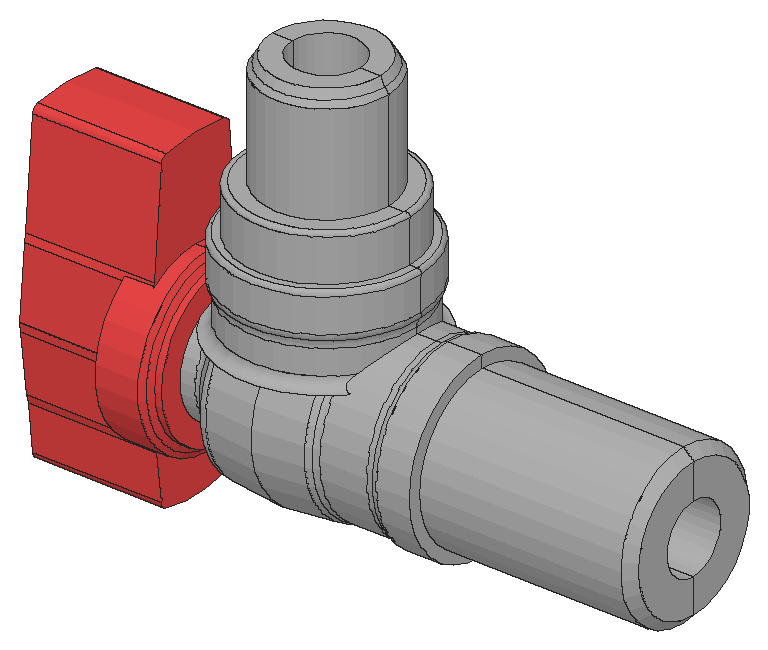
Revit family "QL22152100", category Apparecchi idraulici, Revit 2016
Family settings
  Tipo di parte = Normale
  Quota connettore circolare = Usa diametro
  Numero OmniClass = 23.45.00.00
  Titolo OmniClass = Sanitary, Laundry, and Cleaning Equipment
  Basato su piano di lavoro = No
  Sempre verticale = Sì
  Taglio con vuoti quando caricato = No
  Condiviso = No
  Punto di calcolo locali = No
Parameters
  DN Model [instance] = QL22152101 : QL22152101
  DN [instance] = 9 mm
Reference planes
  plane 1 "Centro (Fronte/Retro)": y = 0
  plane 2: z = 0
  plane 3 "Centro (Sinistra/Destra)": x = 0
Dimensions and locks
  aligned and locked: level to plane 2
Nested families
  nested 1: "QL22152101" at (0, 0, 0), type <- "DN Model", type "QL22152101"
    with GRMS 194
  nested 2: "QL22152102" at (0, 0, 0), type "QL22152102"
Connectors
  piping at (0, 0, 40.3), diameter 9, driven by "DN"
    settings: on nested 1, index 1, connector inside diameter 609.6 mm, connector length 0 mm, flow factor 0, pipe flow 0.0 L/s, pressure drop 0.0 Pa, fitting loss kfactor 0, connector angle 0.00°, fixture units 0, engagement length 0 mm, angle of deflection 0.00°, flow configuration 0, flow direction 0, fitting loss method 0, system type 7, joint type 0, gender type 0, connector reference index -1, connector utility 0, adjustable connector no, is connector primary yes, connector description ""
  piping at (48.5, 0, 0), diameter 9, driven by "DN"
    settings: on nested 1, index 2, connector inside diameter 609.6 mm, connector length 0 mm, flow factor 0, pipe flow 0.0 L/s, pressure drop 0.0 Pa, fitting loss kfactor 0, connector angle 0.00°, fixture units 0, engagement length 0 mm, angle of deflection 0.00°, flow configuration 0, flow direction 0, fitting loss method 0, system type 7, joint type 0, gender type 0, connector reference index -1, connector utility 0, adjustable connector no, is connector primary no, connector description ""
Definition of nested family "QL22152101"
  Parameters (values of type "QL22152101")
    GRMS [instance] = 194
  Reference planes
    plane 1 "Centro (Fronte/Retro)": y = 0
    plane 2: z = 0
    plane 3 "Centro (Sinistra/Destra)": x = 0
  Forms (mm)
    Revolve 1, solid
      sketch origin (0, 0, 0) x (1, 0, 0) y (0, 0, 1)
        loop
          line (7.153, 40.3) -> (4.5, 40.3) -> (4.5, 25.3) -> (8.25, 25.3) -> (8.249, 38.402) -> (7.745, 39.208) -> (7.153, 40.3)
        axis (0, 40.3) -> (0, 25.3)
      angle from 0 to 360
    Revolve 2, solid
      sketch origin (0, 0, 0) x (1, 0, 0) y (0, 0, 1)
        loop
          line (20.5, 4.5) -> (48.5, 4.5) -> (48.5, 9.075) -> (47.2, 10.375) -> (20.5, 10.375) -> (20.5, 4.5)
        axis (48.5, 0) -> (20.5, 0)
      angle from 0 to 360
    Revolve 3, solid
      sketch origin (0, 0, 0) x (1, 0, 0) y (0, 0, 1)
        loop
          line (0, 25.3) -> (-10.286, 25.3)
          arc (-10.286, 25.3) -> (-10.76, 25.218) -> (-11, 24.8) r 0.566
          line (-11, 24.8) -> (-11, 19.229) -> (-12, 19.3)
          arc (-12, 19.3) -> (-12.35, 19.013) -> (-12.5, 18.586) r 0.838
          line (-12.5, 18.586) -> (-12.5, 14.121)
          arc (-12.5, 14.121) -> (-12.434, 13.682) -> (-12.243, 13.281) r 1.502
          arc (-12.243, 13.281) -> (-11.988, 12.746) -> (-11.9, 12.159) r 2.008
          line (-11.9, 12.159) -> (-11.9, 8.891)
          arc (-11.9, 8.891) -> (-12.338, 7.833) -> (-13.396, 7.395) r 1.496
          line (-13.396, 7.395) -> (0, 7.395) -> (0, 25.3)
        axis (0, 25.3) -> (0, 7.395)
      angle from 0 to 360
    Revolve 4, solid
      sketch origin (0, 0, 0) x (1, 0, 0) y (0, 0, 1)
        loop
          line (20.5, -4.5) -> (-14.55, -4.5) -> (-14.55, -7.38) -> (-11.492, -7.38)
          arc (-11.492, -7.38) -> (-10.529, -7.727) -> (-9.932, -8.558) r 1.726
          line (-9.932, -8.558) -> (-7.611, -11.324)
          arc (-7.611, -11.324) -> (-7.154, -11.69) -> (-6.592, -11.854) r 1.5
          line (-6.592, -11.854) -> (0, -12.431) -> (6.507, -11.862)
          arc (6.507, -11.862) -> (6.954, -11.742) -> (7.386, -11.576) r 4.422
          arc (7.386, -11.576) -> (7.78, -11.448) -> (8.192, -11.405) r 1.98
          line (8.192, -11.405) -> (14.39, -11.405) -> (15.184, -11.481)
          arc (15.184, -11.481) -> (15.58, -11.757) -> (16.041, -11.899) r 1.566
          line (16.041, -11.899) -> (20.5, -11.899) -> (20.5, -4.5)
        axis (-14.55, 0) -> (20.5, 0)
      angle from 0 to 360
    Revolve 5, solid
      sketch origin (0, 0, 0) x (1, 0, 0) y (0, 0, 1)
        loop
          line (-13.55, 0) -> (-13.55, 10.305) -> (-14.55, 10.305) -> (-14.961, 11.111) -> (-15.416, 11.9) -> (-21.096, 11.801)
          arc (-21.096, 11.801) -> (-23.958, 6.217) -> (-24.812, 0) r 18.705
          line (-24.812, 0) -> (-13.55, 0)
        axis (-24.812, 0) -> (-13.55, 0)
      angle from 0 to 360
    Revolve 6, solid
      sketch origin (0, 0, 0) x (1, 0, 0) y (0, 0, 1)
        loop
          line (-35.35, 4.001) -> (-35.35, 0) -> (-33.875, 0) -> (-33.875, 4.5) -> (-34.85, 4.5)
          arc (-34.85, 4.5) -> (-35.203, 4.354) -> (-35.35, 4.001) r 0.5
        axis (-35.35, 0) -> (-33.875, 0)
      angle from 0 to 360
    Extrusion 7, solid
      sketch origin (-11, 0, 0) x (0, 0, 1) y (0, 1, 0)
        loop
          arc (24.544, -4.755) -> (25, 0) -> (24.544, 4.755) r 25
          arc (24.544, 4.755) -> (24.231, 5.31) -> (23.644, 5.561) r 0.993
          line (23.644, 5.561) -> (9.991, 6.607) -> (8.97, 6.977) -> (0.003, 7.65) -> (-9.226, 6.638) -> (-10.272, 6.301) -> (-16.487, 5.576)
          arc (-16.487, 5.576) -> (-17.02, 5.343) -> (-17.334, 4.853) r 1
          arc (-17.334, 4.853) -> (-18, 0) -> (-17.334, -4.853) r 18
          arc (-17.334, -4.853) -> (-17.02, -5.343) -> (-16.487, -5.576) r 1
          line (-16.487, -5.576) -> (-10.272, -6.301) -> (-9.219, -6.64) -> (-1.366, -7.521) -> (-0.213, -7.655) -> (8.965, -6.979) -> (10.03, -6.677) -> (23.644, -5.561)
          arc (23.644, -5.561) -> (24.229, -5.309) -> (24.544, -4.755) r 1
      from 6.35 to 23.35
  Dimensions and locks
    aligned and locked: level to plane 2
Definition of nested family "QL22152102"
  Parameters (values of type "QL22152102")
    GRMS [instance] = 199
  Reference planes
    plane 1 "Centro (Fronte/Retro)": y = 0
    plane 2: z = 0
    plane 3 "Centro (Sinistra/Destra)": x = 0
  Forms (mm)
    Revolve 1, solid
      sketch origin (0, 0, 0) x (1, 0, 0) y (0, 0, 1)
        loop
          line (7.153, 40.3) -> (4.5, 40.3) -> (4.5, 25.3) -> (8.25, 25.3) -> (8.249, 38.402) -> (7.745, 39.208) -> (7.153, 40.3)
        axis (0, 40.3) -> (0, 25.3)
      angle from 0 to 360
    Revolve 2, solid
      sketch origin (0, 0, 0) x (1, 0, 0) y (0, 0, 1)
        loop
          line (20.5, 4.5) -> (48.5, 4.5) -> (48.5, 9.075) -> (47.2, 10.375) -> (20.5, 10.375) -> (20.5, 4.5)
        axis (48.5, 0) -> (20.5, 0)
      angle from 0 to 360
    Revolve 3, solid
      sketch origin (0, 0, 0) x (1, 0, 0) y (0, 0, 1)
        loop
          line (0, 25.3) -> (-10.286, 25.3)
          arc (-10.286, 25.3) -> (-10.76, 25.218) -> (-11, 24.8) r 0.566
          line (-11, 24.8) -> (-11, 19.229) -> (-12, 19.3)
          arc (-12, 19.3) -> (-12.35, 19.013) -> (-12.5, 18.586) r 0.838
          line (-12.5, 18.586) -> (-12.5, 14.121)
          arc (-12.5, 14.121) -> (-12.434, 13.682) -> (-12.243, 13.281) r 1.502
          arc (-12.243, 13.281) -> (-11.988, 12.746) -> (-11.9, 12.159) r 2.008
          line (-11.9, 12.159) -> (-11.9, 8.891)
          arc (-11.9, 8.891) -> (-12.338, 7.833) -> (-13.396, 7.395) r 1.496
          line (-13.396, 7.395) -> (0, 7.395) -> (0, 25.3)
        axis (0, 25.3) -> (0, 7.395)
      angle from 0 to 360
    Revolve 4, solid
      sketch origin (0, 0, 0) x (1, 0, 0) y (0, 0, 1)
        loop
          line (20.5, -4.5) -> (-14.55, -4.5) -> (-14.55, -7.38) -> (-11.492, -7.38)
          arc (-11.492, -7.38) -> (-10.529, -7.727) -> (-9.932, -8.558) r 1.726
          line (-9.932, -8.558) -> (-7.611, -11.324)
          arc (-7.611, -11.324) -> (-7.154, -11.69) -> (-6.592, -11.854) r 1.5
          line (-6.592, -11.854) -> (0, -12.431) -> (6.507, -11.862)
          arc (6.507, -11.862) -> (6.954, -11.742) -> (7.386, -11.576) r 4.422
          arc (7.386, -11.576) -> (7.78, -11.448) -> (8.192, -11.405) r 1.98
          line (8.192, -11.405) -> (14.39, -11.405) -> (15.184, -11.481)
          arc (15.184, -11.481) -> (15.58, -11.757) -> (16.041, -11.899) r 1.566
          line (16.041, -11.899) -> (20.5, -11.899) -> (20.5, -4.5)
        axis (-14.55, 0) -> (20.5, 0)
      angle from 0 to 360
    Revolve 5, solid
      sketch origin (0, 0, 0) x (1, 0, 0) y (0, 0, 1)
        loop
          line (-13.55, 0) -> (-13.55, 10.305) -> (-14.55, 10.305) -> (-14.961, 11.111) -> (-15.416, 11.9) -> (-21.096, 11.801)
          arc (-21.096, 11.801) -> (-23.958, 6.217) -> (-24.812, 0) r 18.705
          line (-24.812, 0) -> (-13.55, 0)
        axis (-24.812, 0) -> (-13.55, 0)
      angle from 0 to 360
    Revolve 6, solid
      sketch origin (0, 0, 0) x (1, 0, 0) y (0, 0, 1)
        loop
          line (-35.35, 4.001) -> (-35.35, 0) -> (-33.875, 0) -> (-33.875, 4.5) -> (-34.85, 4.5)
          arc (-34.85, 4.5) -> (-35.203, 4.354) -> (-35.35, 4.001) r 0.5
        axis (-35.35, 0) -> (-33.875, 0)
      angle from 0 to 360
    Extrusion 7, solid
      sketch origin (-11, 0, 0) x (0, 0, 1) y (0, 1, 0)
        loop
          arc (24.544, -4.755) -> (25, 0) -> (24.544, 4.755) r 25
          arc (24.544, 4.755) -> (24.231, 5.31) -> (23.644, 5.561) r 0.993
          line (23.644, 5.561) -> (9.991, 6.607) -> (8.97, 6.977) -> (0.003, 7.65) -> (-9.226, 6.638) -> (-10.272, 6.301) -> (-16.487, 5.576)
          arc (-16.487, 5.576) -> (-17.02, 5.343) -> (-17.334, 4.853) r 1
          arc (-17.334, 4.853) -> (-18, 0) -> (-17.334, -4.853) r 18
          arc (-17.334, -4.853) -> (-17.02, -5.343) -> (-16.487, -5.576) r 1
          line (-16.487, -5.576) -> (-10.272, -6.301) -> (-9.219, -6.64) -> (-1.366, -7.521) -> (-0.213, -7.655) -> (8.965, -6.979) -> (10.03, -6.677) -> (23.644, -5.561)
          arc (23.644, -5.561) -> (24.229, -5.309) -> (24.544, -4.755) r 1
      from 6.35 to 23.35
  Dimensions and locks
    aligned and locked: level to plane 2
